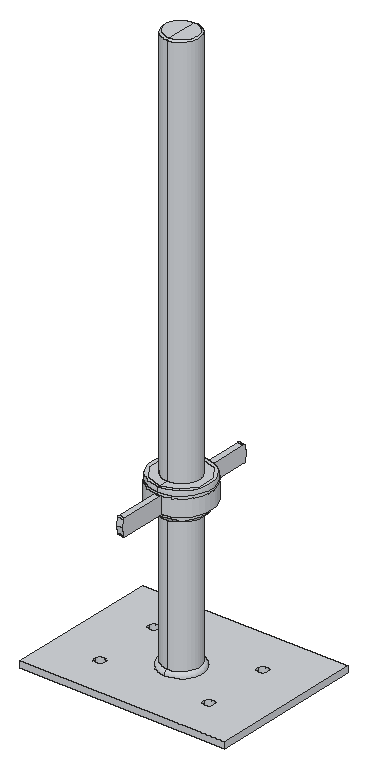
Revit family "Post-Head", category Structural Stiffeners, Revit 2020
Family settings
  Work Plane-Based = No
  Always vertical = Yes
  Cut with Voids When Loaded = No
  Shared = No
Parameters
  Base_Material = none
  Lock_Distance [instance] = 175 mm
  Default Elevation = 0 mm
Reference planes
  plane 1 "Center (Front/Back)": y = 0
  plane 2: z = 0
  plane 3 "Center (Left/Right)": x = 0
  plane 4: z = 175
Forms (mm)
  Sweep 1, solid, material <- "Base_Material"
    path origin (0, 0, 0) x (1, 0, 0) y (0, 1, 0)
      loop
        line (-100, 0) -> (100, 0)
    profile origin (0, 0, 0) x (0, 1, 0) y (0, 0, 1)
      loop
        line (78, 0) -> (78, 6) -> (-72, 6) -> (-72, 0) -> (78, 0)
  Revolve 2, solid, material <- "Base_Material"
    sketch origin (0, 0, 0) x (0, 1, 0) y (0, 0, 1)
      loop
        line (0, 6) -> (20.645, 6)
        arc (20.645, 6) -> (19.47, 8.826) -> (16.643, 9.996) r 4.002
        line (16.643, 9.996) -> (0, 9.996) -> (0, 6)
      axis (0, 9.996) -> (0, 6)
    angle from 0 to 360
  Revolve 3, solid, material <- "Base_Material"
    sketch origin (0, 0, -72.939) x (0, -1, 0) y (0, 0, -1)
      loop
        line (-16.965, -82.937) -> (-16.965, -633.854) -> (-15.479, -635.34) -> (0, -635.34) -> (0, -82.937) -> (-16.965, -82.937)
      axis (0, -82.937) -> (0, -635.34)
    angle from 0 to 360
  Revolve 4, solid, material <- "Base_Material"
    sketch origin (0, 0, 165.02) x (0, 1, 0) y (0, 0, 1)
      loop
        line (-29.041, 5.683) -> (-29.273, 3.137) -> (-29.273, -12.863) -> (-23.617, -12.863)
        arc (-23.617, -12.863) -> (-23.251, -14.129) -> (-22.998, -15.422) r 15
        line (-22.998, -15.422) -> (-22.998, -19.376)
        arc (-22.998, -19.376) -> (-22.852, -19.73) -> (-22.498, -19.876) r 0.5
        line (-22.498, -19.876) -> (-17.273, -19.876) -> (-17.273, 9.98) -> (-25.957, 9.98) -> (-28.543, 9.98)
        arc (-28.543, 9.98) -> (-28.922, 7.846) -> (-29.041, 5.683) r 17.951
      axis (0, 9.98) -> (0, -19.876)
    angle from 0 to 360
  Extrusion 5, solid, material <- "Base_Material"
    sketch origin (0, 0, 165.02) x (0, 1, 0) y (0, 0, 1)
      loop
        line (-73.117, -12.863) -> (-29.273, -12.863) -> (-29.273, 3.137) -> (-73.117, 3.137)
        arc (-73.117, 3.137) -> (-73.779, 2.887) -> (-74.109, 2.262) r 1
        line (-74.109, 2.262) -> (-75, -4.863) -> (-74.109, -11.987)
        arc (-74.109, -11.987) -> (-73.779, -12.612) -> (-73.117, -12.863) r 1
      loop
        arc (73.117, -12.863) -> (73.779, -12.612) -> (74.109, -11.987) r 1
        line (74.109, -11.987) -> (75, -4.863) -> (74.109, 2.262)
        arc (74.109, 2.262) -> (73.779, 2.887) -> (73.117, 3.137) r 1
        line (73.117, 3.137) -> (29.273, 3.137) -> (29.273, -12.863) -> (73.117, -12.863)
    from 3 to -3
  Extrusion 6, void
    sketch origin (0, -31.589, 0) x (1, 0, 0) y (0, 1, 0)
      loop
        circle (-53.322, 64.53) r 5
      loop
        circle (53.322, 64.53) r 5
      loop
        circle (-53.322, -1.47) r 5
      loop
        circle (53.322, -1.47) r 5
    from -15 to 15
Cuts and joins
  Extrusion 6 cuts Sweep 1
Lines and regions (mm)
  symbolic lines
    curve 1: line (0, 32.941, 15) -> (0, 32.941, -15)
    curve 2: line (0, -33.059, 15) -> (0, -33.059, -15)
    curve 3: line (-53.322, 0, 15) -> (-53.322, 0, -15)
    curve 4: line (53.322, 0, 15) -> (53.322, 0, -15)
Dimensions and locks
  equal spacing: Sweep 1 sketch curve, plane 3 "Center (Left/Right)", Sweep 1 sketch curve
  Sweep 1 sketch curve to Sweep 1 sketch curve = 200 mm
  "Lock_Distance": plane 4 to level
  locked: Revolve 4 to plane 4 at 29.856
  locked: Extrusion 5 to plane 4 at 22.843  (x2)
  Revolve 3 to Revolve 3 to Sweep 1 to level = 552.403 mm, 3.998 mm, 6 mm
  Revolve 4 sketch curve to Revolve 4 sketch curve = 29.856 mm
  Revolve 4 sketch curve to Extrusion 5 = 12 mm
  aligned and locked: level to plane 2
  aligned and locked: Sweep 1 to level
  aligned and locked: Revolve 2 to Sweep 1
  aligned and locked: Revolve 4 to plane 4
  aligned and locked: Revolve 3 to Revolve 3
  aligned and locked: Revolve 4 sketch curve to plane 4
Automatic sketch dimensions
  plane 1 "Center (Front/Back)" to Sweep 1 sketch curve = 0 mm
  Sweep 1 sketch curve to level = 0 mm
  profile plane to Sweep 1 sketch curve = 72 mm
  level to Sweep 1 sketch curve = 6 mm
  Sweep 1 sketch curve to profile plane = 78 mm
  Revolve 2 sketch curve to plane 1 "Center (Front/Back)" = 0 mm  (x2)
  Revolve 2 sketch curve to Revolve 2 sketch curve = 16.643 mm
  Revolve 2 sketch curve to Revolve 2 sketch curve = 4.002 mm
  level to Revolve 2 sketch curve = 5.994 mm
  Revolve 2 sketch curve to Revolve 2 sketch curve = 0.006 mm
  Revolve 2 sketch curve to level = 553.509 mm
  plane 4 to Revolve 2 sketch curve = 180.743 mm
  Revolve 3 sketch curve to plane 1 "Center (Front/Back)" = 0 mm  (x2)
  level to Revolve 3 sketch curve = 9.998 mm
  Revolve 3 sketch curve to level = 453.682 mm
  Revolve 4 sketch curve to plane 1 "Center (Front/Back)" = 0 mm
  Revolve 4 sketch curve to Revolve 4 sketch curve = 6.182 mm
  Revolve 4 sketch curve to Revolve 4 sketch curve = 5.225 mm
  Revolve 4 sketch curve to Revolve 4 sketch curve = 0.5 mm
  Revolve 4 sketch curve to Revolve 4 sketch curve = 0.619 mm
  Revolve 4 sketch curve to Revolve 4 sketch curve = 8.684 mm
  Revolve 4 sketch curve to Revolve 4 sketch curve = 2.587 mm
  Revolve 4 sketch curve to plane 4 = 4.297 mm
  Revolve 4 sketch curve to Revolve 4 sketch curve = 0.498 mm
  Revolve 4 sketch curve to plane 4 = 6.843 mm
  Revolve 4 sketch curve to Revolve 4 sketch curve = 0.231 mm
  Revolve 4 sketch curve to Revolve 4 sketch curve = 8.558 mm
  Revolve 4 sketch curve to Revolve 4 sketch curve = 2.56 mm
  Revolve 4 sketch curve to Revolve 4 sketch curve = 3.954 mm
  Revolve 4 sketch curve to level = 388.489 mm
  plane 4 to Revolve 4 sketch curve = 345.763 mm
  Extrusion 5 sketch curve to plane 4 = 14.843 mm  (x2)
  plane 1 "Center (Front/Back)" to Extrusion 5 sketch curve = 75 mm
  Extrusion 5 sketch curve to plane 4 = 21.967 mm  (x2)
  Extrusion 5 sketch curve to Extrusion 5 sketch curve = 0.891 mm  (x3)
  Extrusion 5 sketch curve to plane 4 = 7.718 mm  (x2)
  Extrusion 5 sketch curve to Extrusion 5 sketch curve = 0.992 mm  (x4)
  plane 1 "Center (Front/Back)" to Extrusion 5 sketch curve = 29.273 mm
  Extrusion 5 sketch curve to plane 1 "Center (Front/Back)" = 29.273 mm
  Extrusion 5 sketch curve to plane 4 = 6.843 mm
  Extrusion 5 sketch curve to Extrusion 5 sketch curve = 43.844 mm
  Extrusion 5 sketch curve to Extrusion 5 sketch curve = 0 mm
  Extrusion 5 sketch curve to Extrusion 5 sketch curve = 16 mm
  Extrusion 5 sketch curve to plane 4 = 22.843 mm
  Extrusion 5 sketch curve to Extrusion 5 sketch curve = 0.124 mm
  Revolve 3 sketch curve to Revolve 3 sketch curve = 1.486 mm  (x2)
  Revolve 3 sketch curve to Revolve 3 sketch curve = 15.479 mm
  plane 4 to Revolve 3 sketch curve = 385.915 mm
  Revolve 3 sketch curve to Revolve 3 sketch curve = 105.987 mm
  Extrusion 6 sketch curve to plane 3 "Center (Left/Right)" = 53.322 mm  (x2)
  plane 3 "Center (Left/Right)" to Extrusion 6 sketch curve = 53.322 mm  (x2)
  plane 1 "Center (Front/Back)" to Extrusion 6 sketch curve = 33.059 mm  (x2)
  Extrusion 6 sketch curve to plane 1 "Center (Front/Back)" = 32.941 mm  (x2)
  level to curve 2 = 15 mm
  plane 1 "Center (Front/Back)" to curve 2 = 33.059 mm
  curve 1 to level = 15 mm
  curve 1 to plane 1 "Center (Front/Back)" = 32.941 mm
  curve 2 to level = 15 mm
  level to curve 1 = 15 mm
  curve 3 to level = 15 mm
  curve 3 to plane 3 "Center (Left/Right)" = 53.322 mm
  curve 4 to level = 15 mm
  plane 3 "Center (Left/Right)" to curve 4 = 53.322 mm
  level to curve 4 = 15 mm
  level to curve 3 = 15 mm
  radius of Extrusion 6 sketch curve = 5 mm  (x4)
Nested families
  nested 1: "Screw" at (0, 115.772, 610.929) x (0, -1, 0) z (1, 0, 0), type "Screw"
  nested 2: "Screw" at (115.408, 0, 610.929) x (-1, 0, 0) z (0, -1, 0), type "Screw"
Definition of nested family "Screw"
  Reference planes
    plane 1 "Center (Front/Back)": y = 0
    plane 2: z = 0
    plane 3 "Center (Left/Right)": x = 0
    plane 4 "Right": x = 12.7
    plane 5: y = 82.55
    plane 6: y = -31.75
    plane 7: y = 50.8
  Lines and regions (mm)
    detail lines, in view "Ref. Level"
      curve 1: line (129.322, 309.887, 0) -> (101.722, 306.887, 0)
      curve 2: line (129.322, 312.687, 0) -> (101.722, 309.687, 0)
      curve 3: line (129.322, 318.642, 0) -> (129.322, 317.142, 0)
      curve 4: line (129.322, 317.142, 0) -> (101.722, 314.142, 0)
      curve 5: line (101.722, 314.142, 0) -> (101.722, 315.642, 0)
      curve 6: line (101.722, 315.642, 0) -> (129.322, 318.642, 0)
      curve 7: line (129.322, 323.097, 0) -> (101.722, 320.097, 0)
      curve 8: line (101.722, 320.097, 0) -> (101.722, 322.897, 0)
      curve 9: line (129.322, 333.153, 0) -> (129.322, 330.353, 0)
      curve 10: line (129.322, 330.353, 0) -> (101.722, 327.353, 0)
      curve 11: line (101.722, 327.353, 0) -> (101.722, 330.153, 0)
      curve 12: line (132.522, 333.98, 0) -> (129.322, 333.153, 0)
      curve 13: line (129.322, 333.153, 0) -> (101.722, 330.153, 0)
      curve 14: line (101.722, 330.153, 0) -> (98.522, 330.98, 0)
      curve 15: line (129.322, 325.897, 0) -> (101.722, 322.897, 0)
      curve 16: line (101.722, 322.897, 0) -> (98.522, 323.725, 0)
      curve 17: line (98.522, 333.78, 0) -> (98.522, 330.98, 0)
      curve 18: line (98.522, 330.98, 0) -> (98.522, 333.78, 0)
      curve 19: line (98.522, 333.78, 0) -> (101.722, 334.608, 0)
      curve 20: line (98.522, 326.525, 0) -> (98.522, 323.725, 0)
      curve 21: line (98.522, 323.725, 0) -> (98.522, 326.525, 0)
      curve 22: line (98.522, 326.525, 0) -> (101.722, 327.353, 0)
      curve 23: line (101.722, 320.097, 0) -> (98.522, 319.27, 0)
      curve 24: line (98.522, 319.27, 0) -> (98.522, 316.47, 0)
      curve 25: line (98.522, 316.47, 0) -> (101.722, 315.642, 0)
      curve 26: line (101.722, 315.642, 0) -> (101.722, 314.142, 0)
      curve 27: line (101.722, 314.142, 0) -> (98.522, 313.315, 0)
      curve 28: line (98.522, 313.315, 0) -> (98.522, 310.515, 0)
      curve 29: line (98.522, 310.515, 0) -> (101.722, 309.687, 0)
      curve 30: line (101.722, 309.687, 0) -> (101.722, 306.887, 0)
      curve 31: line (101.722, 306.887, 0) -> (98.522, 306.059, 0)
      curve 32: line (98.522, 306.059, 0) -> (98.522, 303.259, 0)
      curve 33: line (98.522, 303.259, 0) -> (98.522, 306.059, 0)
      curve 34: line (129.322, 330.353, 0) -> (132.522, 329.525, 0)
      curve 35: line (132.522, 329.525, 0) -> (132.522, 326.725, 0)
      curve 36: line (132.522, 326.725, 0) -> (129.322, 325.897, 0)
      curve 37: line (129.322, 325.897, 0) -> (129.322, 323.097, 0)
      curve 38: line (129.322, 323.097, 0) -> (132.522, 322.27, 0)
      curve 39: line (132.522, 322.27, 0) -> (132.522, 319.47, 0)
      curve 40: line (132.522, 319.47, 0) -> (129.322, 318.642, 0)
      curve 41: line (129.322, 318.642, 0) -> (129.322, 317.142, 0)
      curve 42: line (129.322, 317.142, 0) -> (132.522, 316.315, 0)
      curve 43: line (132.522, 316.315, 0) -> (132.522, 313.515, 0)
      curve 44: line (132.522, 313.515, 0) -> (129.322, 312.687, 0)
      curve 45: line (129.322, 312.687, 0) -> (129.322, 309.887, 0)
      curve 46: line (129.322, 309.887, 0) -> (132.522, 309.059, 0)
      curve 47: line (132.522, 309.059, 0) -> (132.522, 306.259, 0)
      curve 48: line (132.522, 306.259, 0) -> (129.322, 305.432, 0)
      curve 49: line (129.322, 305.432, 0) -> (129.322, 302.632, 0)
      curve 50: line (129.322, 302.632, 0) -> (132.522, 301.804, 0)
      curve 51: line (116.734, 158.946, 0) -> (115.089, 159.805, 0)
      curve 52: line (115.089, 159.805, 0) -> (113.487, 159.123, 0)
      curve 53: line (113.487, 159.123, 0) -> (112.163, 160.973, 0)
      curve 54: line (112.163, 160.973, 0) -> (116.622, 171.028, 0)
      curve 55: line (116.622, 171.028, 0) -> (118.937, 171.028, 0)
      curve 56: line (118.937, 171.028, 0) -> (121.193, 169.001, 0)
      curve 57: line (121.193, 169.001, 0) -> (116.734, 158.946, 0)
      curve 58: line (129.322, 419.469, 0) -> (101.722, 416.469, 0)
      curve 59: line (101.722, 391.549, 0) -> (98.522, 392.376, 0)
      curve 60: line (98.522, 392.376, 0) -> (98.522, 395.176, 0)
      curve 61: line (98.522, 395.176, 0) -> (101.722, 396.004, 0)
      curve 62: line (101.722, 396.004, 0) -> (101.722, 398.804, 0)
      curve 63: line (101.722, 398.804, 0) -> (98.522, 399.632, 0)
      curve 64: line (98.522, 399.632, 0) -> (98.522, 402.432, 0)
      curve 65: line (98.522, 402.432, 0) -> (101.722, 403.259, 0)
      curve 66: line (101.722, 403.259, 0) -> (101.722, 406.059, 0)
      curve 67: line (101.722, 406.059, 0) -> (98.522, 406.887, 0)
      curve 68: line (98.522, 406.887, 0) -> (98.522, 409.687, 0)
      curve 69: line (98.522, 409.687, 0) -> (101.722, 410.514, 0)
      curve 70: line (101.722, 410.514, 0) -> (129.322, 413.514, 0)
      curve 71: line (129.322, 413.514, 0) -> (129.322, 415.014, 0)
      curve 72: line (129.322, 415.014, 0) -> (132.522, 415.842, 0)
      curve 73: line (132.522, 415.842, 0) -> (132.522, 418.642, 0)
      curve 74: line (132.522, 418.642, 0) -> (129.322, 419.469, 0)
      curve 75: line (129.322, 419.469, 0) -> (129.322, 422.269, 0)
      curve 76: line (129.322, 422.269, 0) -> (132.522, 423.097, 0)
      curve 77: line (132.522, 423.097, 0) -> (132.522, 425.897, 0)
      curve 78: line (132.522, 425.897, 0) -> (129.322, 426.725, 0)
      curve 79: line (129.322, 426.725, 0) -> (129.322, 429.525, 0)
      curve 80: line (129.322, 429.525, 0) -> (132.522, 430.352, 0)
      curve 81: line (132.522, 430.352, 0) -> (132.522, 433.152, 0)
      curve 82: line (132.522, 433.152, 0) -> (129.322, 433.98, 0)
      curve 83: line (129.322, 433.98, 0) -> (129.322, 436.78, 0)
      curve 84: line (129.322, 436.78, 0) -> (132.522, 437.607, 0)
      curve 85: line (132.522, 437.607, 0) -> (132.522, 440.407, 0)
      curve 86: line (132.522, 440.407, 0) -> (129.322, 441.235, 0)
      curve 87: line (129.322, 441.235, 0) -> (129.322, 442.735, 0)
      curve 88: line (129.322, 442.735, 0) -> (101.722, 439.735, 0)
      curve 89: line (101.722, 439.735, 0) -> (101.722, 438.235, 0)
      curve 90: line (101.722, 438.235, 0) -> (98.522, 437.407, 0)
      curve 91: line (98.522, 437.407, 0) -> (98.522, 434.607, 0)
      curve 92: line (98.522, 434.607, 0) -> (101.722, 433.78, 0)
      curve 93: line (101.722, 433.78, 0) -> (101.722, 430.98, 0)
      curve 94: line (101.722, 430.98, 0) -> (98.522, 430.152, 0)
      curve 95: line (98.522, 430.152, 0) -> (98.522, 427.352, 0)
      curve 96: line (98.522, 427.352, 0) -> (101.722, 426.525, 0)
      curve 97: line (101.722, 426.525, 0) -> (101.722, 423.725, 0)
      curve 98: line (101.722, 423.725, 0) -> (98.522, 422.897, 0)
      curve 99: line (98.522, 422.897, 0) -> (98.522, 420.097, 0)
      curve 100: line (98.522, 420.097, 0) -> (101.722, 419.269, 0)
      curve 101: line (101.722, 419.269, 0) -> (101.722, 416.469, 0)
      curve 102: line (101.722, 416.469, 0) -> (98.522, 415.642, 0)
      curve 103: line (98.522, 415.642, 0) -> (98.522, 412.842, 0)
      curve 104: line (98.522, 412.842, 0) -> (101.722, 412.014, 0)
      curve 105: line (101.722, 412.014, 0) -> (101.722, 410.514, 0)
      curve 106: line (101.722, 410.514, 0) -> (101.722, 412.014, 0)
      curve 107: line (101.722, 412.014, 0) -> (129.322, 415.014, 0)
      curve 108: line (129.322, 426.725, 0) -> (101.722, 423.725, 0)
      curve 109: line (129.322, 429.525, 0) -> (101.722, 426.525, 0)
      curve 110: line (129.322, 433.98, 0) -> (101.722, 430.98, 0)
      curve 111: line (129.322, 436.78, 0) -> (101.722, 433.78, 0)
      curve 112: line (129.322, 422.269, 0) -> (101.722, 419.269, 0)
      curve 113: line (98.522, 427.352, 0) -> (98.522, 430.152, 0)
      curve 114: line (98.522, 420.097, 0) -> (98.522, 422.897, 0)
      curve 115: line (129.322, 447.19, 0) -> (101.722, 444.19, 0)
      curve 116: line (129.322, 454.445, 0) -> (101.722, 451.445, 0)
      curve 117: line (129.322, 457.245, 0) -> (101.722, 454.245, 0)
      curve 118: line (129.322, 461.7, 0) -> (101.722, 458.7, 0)
      curve 119: line (129.322, 464.5, 0) -> (101.722, 461.5, 0)
      curve 120: line (129.322, 470.456, 0) -> (129.322, 468.956, 0)
      curve 121: line (129.322, 468.956, 0) -> (101.722, 465.956, 0)
      curve 122: line (101.722, 465.956, 0) -> (101.722, 467.456, 0)
      curve 123: line (101.722, 467.456, 0) -> (129.322, 470.456, 0)
      curve 124: line (129.322, 449.99, 0) -> (101.722, 446.99, 0)
      curve 125: line (98.522, 455.073, 0) -> (98.522, 457.873, 0)
      curve 126: line (98.522, 447.818, 0) -> (98.522, 450.618, 0)
      curve 127: line (129.322, 474.911, 0) -> (101.722, 471.911, 0)
      curve 128: line (129.322, 482.166, 0) -> (101.722, 479.166, 0)
      curve 129: line (129.322, 484.966, 0) -> (101.722, 481.966, 0)
      curve 130: line (129.322, 489.421, 0) -> (101.722, 486.421, 0)
      curve 131: line (129.322, 492.221, 0) -> (101.722, 489.221, 0)
      curve 132: line (129.322, 498.176, 0) -> (129.322, 496.676, 0)
      curve 133: line (129.322, 496.676, 0) -> (101.722, 493.676, 0)
      curve 134: line (101.722, 493.676, 0) -> (101.722, 495.176, 0)
      curve 135: line (101.722, 495.176, 0) -> (129.322, 498.176, 0)
      curve 136: line (129.322, 477.711, 0) -> (101.722, 474.711, 0)
      curve 137: line (98.522, 482.793, 0) -> (98.522, 485.593, 0)
      curve 138: line (98.522, 475.538, 0) -> (98.522, 478.338, 0)
      curve 139: line (129.322, 502.631, 0) -> (101.722, 499.631, 0)
      curve 140: line (129.322, 509.886, 0) -> (101.722, 506.886, 0)
      curve 141: line (129.322, 512.686, 0) -> (101.722, 509.686, 0)
      curve 142: line (129.322, 517.142, 0) -> (101.722, 514.142, 0)
      curve 143: line (129.322, 519.942, 0) -> (101.722, 516.942, 0)
      curve 144: line (132.522, 524.397, 0) -> (129.322, 524.397, 0)
      curve 145: line (129.322, 524.397, 0) -> (101.722, 521.397, 0)
      curve 146: line (101.722, 521.397, 0) -> (101.722, 522.897, 0)
      curve 147: line (101.722, 522.897, 0) -> (129.322, 525.897, 0)
      curve 148: line (129.322, 505.431, 0) -> (101.722, 502.431, 0)
      curve 149: line (98.522, 510.514, 0) -> (98.522, 513.314, 0)
      curve 150: line (98.522, 503.259, 0) -> (98.522, 506.059, 0)
      curve 151: line (98.522, 506.059, 0) -> (98.522, 503.259, 0)
      curve 152: line (98.522, 503.259, 0) -> (101.722, 502.431, 0)
      curve 153: line (101.722, 502.431, 0) -> (101.722, 499.631, 0)
      curve 154: line (101.722, 499.631, 0) -> (98.522, 498.804, 0)
      curve 155: line (98.522, 498.804, 0) -> (98.522, 496.004, 0)
      curve 156: line (98.522, 496.004, 0) -> (101.722, 495.176, 0)
      curve 157: line (101.722, 495.176, 0) -> (101.722, 493.676, 0)
      curve 158: line (101.722, 493.676, 0) -> (98.522, 492.849, 0)
      curve 159: line (98.522, 492.849, 0) -> (98.522, 490.049, 0)
      curve 160: line (98.522, 490.049, 0) -> (101.722, 489.221, 0)
      curve 161: line (101.722, 489.221, 0) -> (101.722, 486.421, 0)
      curve 162: line (101.722, 486.421, 0) -> (98.522, 485.593, 0)
      curve 163: line (98.522, 485.593, 0) -> (98.522, 482.793, 0)
      curve 164: line (98.522, 482.793, 0) -> (101.722, 481.966, 0)
      curve 165: line (101.722, 481.966, 0) -> (101.722, 479.166, 0)
      curve 166: line (101.722, 479.166, 0) -> (98.522, 478.338, 0)
      curve 167: line (98.522, 478.338, 0) -> (98.522, 475.538, 0)
      curve 168: line (98.522, 475.538, 0) -> (101.722, 474.711, 0)
      curve 169: line (101.722, 474.711, 0) -> (101.722, 471.911, 0)
      curve 170: line (101.722, 471.911, 0) -> (98.522, 471.083, 0)
      curve 171: line (98.522, 471.083, 0) -> (98.522, 468.283, 0)
      curve 172: line (98.522, 468.283, 0) -> (101.722, 467.456, 0)
      curve 173: line (101.722, 467.456, 0) -> (101.722, 465.956, 0)
      curve 174: line (101.722, 465.956, 0) -> (98.522, 465.128, 0)
      curve 175: line (98.522, 465.128, 0) -> (98.522, 462.328, 0)
      curve 176: line (98.522, 462.328, 0) -> (101.722, 461.5, 0)
      curve 177: line (101.722, 461.5, 0) -> (101.722, 458.7, 0)
      curve 178: line (101.722, 458.7, 0) -> (98.522, 457.873, 0)
      curve 179: line (98.522, 457.873, 0) -> (98.522, 455.073, 0)
      curve 180: line (98.522, 455.073, 0) -> (101.722, 454.245, 0)
      curve 181: line (101.722, 454.245, 0) -> (101.722, 451.445, 0)
      curve 182: line (101.722, 451.445, 0) -> (98.522, 450.618, 0)
      curve 183: line (98.522, 450.618, 0) -> (98.522, 447.818, 0)
      curve 184: line (98.522, 447.818, 0) -> (101.722, 446.99, 0)
      curve 185: line (101.722, 446.99, 0) -> (101.722, 444.19, 0)
      curve 186: line (101.722, 444.19, 0) -> (98.522, 443.363, 0)
      curve 187: line (98.522, 443.363, 0) -> (98.522, 440.563, 0)
      curve 188: line (98.522, 440.563, 0) -> (101.722, 439.735, 0)
      curve 189: line (101.722, 439.735, 0) -> (101.722, 438.235, 0)
      curve 190: line (101.722, 438.235, 0) -> (129.322, 441.235, 0)
      curve 191: line (129.322, 441.235, 0) -> (132.522, 441.235, 0)
      curve 192: line (129.322, 530.352, 0) -> (101.722, 527.352, 0)
      curve 193: line (129.322, 537.607, 0) -> (101.722, 534.607, 0)
      curve 194: line (129.322, 540.407, 0) -> (101.722, 537.407, 0)
      curve 195: line (129.322, 544.862, 0) -> (101.722, 541.862, 0)
      curve 196: line (129.322, 547.662, 0) -> (101.722, 544.662, 0)
      curve 197: line (129.322, 553.617, 0) -> (129.322, 552.117, 0)
      curve 198: line (129.322, 552.117, 0) -> (101.722, 549.117, 0)
      curve 199: line (101.722, 549.117, 0) -> (101.722, 550.617, 0)
      curve 200: line (101.722, 550.617, 0) -> (129.322, 553.617, 0)
      curve 201: line (129.322, 533.152, 0) -> (101.722, 530.152, 0)
      curve 202: line (98.522, 538.235, 0) -> (98.522, 541.035, 0)
      curve 203: line (98.522, 530.98, 0) -> (98.522, 533.78, 0)
      curve 204: line (129.322, 558.073, 0) -> (101.722, 555.073, 0)
      curve 205: line (129.322, 565.328, 0) -> (101.722, 562.328, 0)
      curve 206: line (129.322, 568.128, 0) -> (101.722, 565.128, 0)
      curve 207: line (129.322, 572.583, 0) -> (101.722, 569.583, 0)
      curve 208: line (129.322, 575.383, 0) -> (101.722, 572.383, 0)
      curve 209: line (129.322, 581.338, 0) -> (129.322, 579.838, 0)
      curve 210: line (129.322, 579.838, 0) -> (101.722, 576.838, 0)
      curve 211: line (101.722, 576.838, 0) -> (101.722, 578.338, 0)
      curve 212: line (101.722, 578.338, 0) -> (129.322, 581.338, 0)
      curve 213: line (129.322, 560.873, 0) -> (101.722, 557.873, 0)
      curve 214: line (98.522, 565.955, 0) -> (98.522, 568.755, 0)
      curve 215: line (98.522, 558.7, 0) -> (98.522, 561.5, 0)
      curve 216: line (129.322, 585.793, 0) -> (101.722, 582.793, 0)
      curve 217: line (101.722, 582.793, 0) -> (101.722, 585.593, 0)
      curve 218: line (129.322, 593.048, 0) -> (101.722, 590.048, 0)
      curve 219: line (101.722, 590.048, 0) -> (101.722, 592.848, 0)
      curve 220: line (129.322, 595.848, 0) -> (101.722, 592.848, 0)
      curve 221: line (101.722, 592.848, 0) -> (98.522, 593.676, 0)
      curve 222: line (129.322, 600.931, 0) -> (129.322, 600.303, 0)
      curve 223: line (129.322, 600.303, 0) -> (101.722, 597.303, 0)
      curve 224: line (101.722, 597.303, 0) -> (101.722, 600.103, 0)
      curve 225: line (109.888, 600.931, 0) -> (101.722, 600.103, 0)
      curve 226: line (101.722, 600.103, 0) -> (98.522, 600.931, 0)
      curve 227: line (129.322, 588.593, 0) -> (101.722, 585.593, 0)
      curve 228: line (101.722, 585.593, 0) -> (98.522, 586.421, 0)
      curve 229: line (129.322, 600.303, 0) -> (132.522, 599.476, 0)
      curve 230: line (132.522, 599.476, 0) -> (132.522, 596.676, 0)
      curve 231: line (132.522, 596.676, 0) -> (129.322, 595.848, 0)
      curve 232: line (129.322, 595.848, 0) -> (129.322, 593.048, 0)
      curve 233: line (129.322, 593.048, 0) -> (132.522, 592.221, 0)
      curve 234: line (132.522, 592.221, 0) -> (132.522, 589.421, 0)
      curve 235: line (132.522, 589.421, 0) -> (129.322, 588.593, 0)
      curve 236: line (129.322, 588.593, 0) -> (129.322, 585.793, 0)
      curve 237: line (129.322, 585.793, 0) -> (132.522, 584.966, 0)
      curve 238: line (132.522, 584.966, 0) -> (132.522, 582.166, 0)
      curve 239: line (132.522, 582.166, 0) -> (129.322, 581.338, 0)
      curve 240: line (129.322, 581.338, 0) -> (129.322, 579.838, 0)
      curve 241: line (129.322, 579.838, 0) -> (132.522, 579.01, 0)
      curve 242: line (132.522, 579.01, 0) -> (132.522, 576.21, 0)
      curve 243: line (132.522, 576.21, 0) -> (129.322, 575.383, 0)
      curve 244: line (129.322, 575.383, 0) -> (129.322, 572.583, 0)
      curve 245: line (129.322, 572.583, 0) -> (132.522, 571.755, 0)
      curve 246: line (132.522, 571.755, 0) -> (132.522, 568.955, 0)
      curve 247: line (132.522, 568.955, 0) -> (129.322, 568.128, 0)
      curve 248: line (129.322, 568.128, 0) -> (129.322, 565.328, 0)
      curve 249: line (129.322, 565.328, 0) -> (132.522, 564.5, 0)
      curve 250: line (132.522, 564.5, 0) -> (132.522, 561.7, 0)
      curve 251: line (132.522, 561.7, 0) -> (129.322, 560.873, 0)
      curve 252: line (129.322, 560.873, 0) -> (129.322, 558.073, 0)
      curve 253: line (129.322, 558.073, 0) -> (132.522, 557.245, 0)
      curve 254: line (132.522, 557.245, 0) -> (132.522, 554.445, 0)
      curve 255: line (132.522, 554.445, 0) -> (129.322, 553.617, 0)
      curve 256: line (129.322, 553.617, 0) -> (129.322, 552.117, 0)
      curve 257: line (129.322, 552.117, 0) -> (132.522, 551.29, 0)
      curve 258: line (132.522, 551.29, 0) -> (132.522, 548.49, 0)
      curve 259: line (132.522, 548.49, 0) -> (129.322, 547.662, 0)
      curve 260: line (129.322, 547.662, 0) -> (129.322, 544.862, 0)
      curve 261: line (129.322, 544.862, 0) -> (132.522, 544.035, 0)
      curve 262: line (132.522, 544.035, 0) -> (132.522, 541.235, 0)
      curve 263: line (132.522, 541.235, 0) -> (129.322, 540.407, 0)
      curve 264: line (129.322, 540.407, 0) -> (129.322, 537.607, 0)
      curve 265: line (129.322, 537.607, 0) -> (132.522, 536.78, 0)
      curve 266: line (132.522, 536.78, 0) -> (132.522, 533.98, 0)
      curve 267: line (132.522, 533.98, 0) -> (129.322, 533.152, 0)
      curve 268: line (129.322, 533.152, 0) -> (129.322, 530.352, 0)
      curve 269: line (129.322, 530.352, 0) -> (132.522, 529.524, 0)
      curve 270: line (132.522, 529.524, 0) -> (132.522, 526.724, 0)
      curve 271: line (132.522, 526.724, 0) -> (129.322, 525.897, 0)
      curve 272: line (129.322, 525.897, 0) -> (129.322, 524.397, 0)
      curve 273: line (129.322, 524.397, 0) -> (132.522, 523.569, 0)
      curve 274: line (132.522, 523.569, 0) -> (132.522, 520.769, 0)
      curve 275: line (132.522, 520.769, 0) -> (129.322, 519.942, 0)
      curve 276: line (129.322, 519.942, 0) -> (129.322, 517.142, 0)
      curve 277: line (129.322, 517.142, 0) -> (132.522, 516.314, 0)
      curve 278: line (132.522, 516.314, 0) -> (132.522, 513.514, 0)
      curve 279: line (132.522, 513.514, 0) -> (129.322, 512.686, 0)
      curve 280: line (129.322, 512.686, 0) -> (129.322, 509.886, 0)
      curve 281: line (129.322, 509.886, 0) -> (132.522, 509.059, 0)
      curve 282: line (132.522, 509.059, 0) -> (132.522, 506.259, 0)
      curve 283: line (132.522, 506.259, 0) -> (129.322, 505.431, 0)
      curve 284: line (129.322, 505.431, 0) -> (129.322, 502.631, 0)
      curve 285: line (129.322, 502.631, 0) -> (132.522, 501.804, 0)
      curve 286: line (132.522, 501.804, 0) -> (132.522, 499.004, 0)
      curve 287: line (132.522, 499.004, 0) -> (129.322, 498.176, 0)
      curve 288: line (129.322, 498.176, 0) -> (129.322, 496.676, 0)
      curve 289: line (129.322, 496.676, 0) -> (132.522, 495.849, 0)
      curve 290: line (132.522, 495.849, 0) -> (132.522, 493.049, 0)
      curve 291: line (132.522, 493.049, 0) -> (129.322, 492.221, 0)
      curve 292: line (129.322, 492.221, 0) -> (129.322, 489.421, 0)
      curve 293: line (129.322, 489.421, 0) -> (132.522, 488.593, 0)
      curve 294: line (132.522, 488.593, 0) -> (132.522, 485.793, 0)
      curve 295: line (132.522, 485.793, 0) -> (129.322, 484.966, 0)
      curve 296: line (129.322, 484.966, 0) -> (129.322, 482.166, 0)
      curve 297: line (129.322, 482.166, 0) -> (132.522, 481.338, 0)
      curve 298: line (132.522, 481.338, 0) -> (132.522, 478.538, 0)
      curve 299: line (132.522, 478.538, 0) -> (129.322, 477.711, 0)
      curve 300: line (129.322, 477.711, 0) -> (129.322, 474.911, 0)
      curve 301: line (129.322, 474.911, 0) -> (132.522, 474.083, 0)
      curve 302: line (132.522, 474.083, 0) -> (132.522, 471.283, 0)
      curve 303: line (132.522, 471.283, 0) -> (129.322, 470.456, 0)
      curve 304: line (129.322, 470.456, 0) -> (129.322, 468.956, 0)
      curve 305: line (129.322, 468.956, 0) -> (132.522, 468.128, 0)
      curve 306: line (132.522, 468.128, 0) -> (132.522, 465.328, 0)
      curve 307: line (132.522, 465.328, 0) -> (129.322, 464.5, 0)
      curve 308: line (129.322, 464.5, 0) -> (129.322, 461.7, 0)
      curve 309: line (129.322, 461.7, 0) -> (132.522, 460.873, 0)
      curve 310: line (132.522, 460.873, 0) -> (132.522, 458.073, 0)
      curve 311: line (132.522, 458.073, 0) -> (129.322, 457.245, 0)
      curve 312: line (129.322, 457.245, 0) -> (129.322, 454.445, 0)
      curve 313: line (129.322, 454.445, 0) -> (132.522, 453.618, 0)
      curve 314: line (132.522, 453.618, 0) -> (132.522, 450.818, 0)
      curve 315: line (132.522, 450.818, 0) -> (129.322, 449.99, 0)
      curve 316: line (129.322, 449.99, 0) -> (129.322, 447.19, 0)
      curve 317: line (129.322, 447.19, 0) -> (132.522, 446.363, 0)
      curve 318: line (132.522, 446.363, 0) -> (132.522, 443.563, 0)
      curve 319: line (132.522, 443.563, 0) -> (129.322, 442.735, 0)
      curve 320: line (129.322, 442.735, 0) -> (129.322, 441.235, 0)
      curve 321: line (98.522, 596.476, 0) -> (98.522, 593.676, 0)
      curve 322: line (98.522, 593.676, 0) -> (98.522, 596.476, 0)
      curve 323: line (98.522, 596.476, 0) -> (101.722, 597.303, 0)
      curve 324: line (98.522, 589.221, 0) -> (98.522, 586.421, 0)
      curve 325: line (98.522, 586.421, 0) -> (98.522, 589.221, 0)
      curve 326: line (98.522, 589.221, 0) -> (101.722, 590.048, 0)
      curve 327: line (101.722, 582.793, 0) -> (98.522, 581.966, 0)
      curve 328: line (98.522, 581.966, 0) -> (98.522, 579.166, 0)
      curve 329: line (98.522, 579.166, 0) -> (101.722, 578.338, 0)
      curve 330: line (101.722, 578.338, 0) -> (101.722, 576.838, 0)
      curve 331: line (101.722, 576.838, 0) -> (98.522, 576.01, 0)
      curve 332: line (98.522, 576.01, 0) -> (98.522, 573.21, 0)
      curve 333: line (98.522, 573.21, 0) -> (101.722, 572.383, 0)
      curve 334: line (101.722, 572.383, 0) -> (101.722, 569.583, 0)
      curve 335: line (101.722, 569.583, 0) -> (98.522, 568.755, 0)
      curve 336: line (98.522, 568.755, 0) -> (98.522, 565.955, 0)
      curve 337: line (98.522, 565.955, 0) -> (101.722, 565.128, 0)
      curve 338: line (101.722, 565.128, 0) -> (101.722, 562.328, 0)
      curve 339: line (101.722, 562.328, 0) -> (98.522, 561.5, 0)
      curve 340: line (98.522, 561.5, 0) -> (98.522, 558.7, 0)
      curve 341: line (98.522, 558.7, 0) -> (101.722, 557.873, 0)
      curve 342: line (101.722, 557.873, 0) -> (101.722, 555.073, 0)
      curve 343: line (101.722, 555.073, 0) -> (98.522, 554.245, 0)
      curve 344: line (98.522, 554.245, 0) -> (98.522, 551.445, 0)
      curve 345: line (98.522, 551.445, 0) -> (101.722, 550.617, 0)
      curve 346: line (101.722, 550.617, 0) -> (101.722, 549.117, 0)
      curve 347: line (101.722, 549.117, 0) -> (98.522, 548.29, 0)
      curve 348: line (98.522, 548.29, 0) -> (98.522, 545.49, 0)
      curve 349: line (98.522, 545.49, 0) -> (101.722, 544.662, 0)
      curve 350: line (101.722, 544.662, 0) -> (101.722, 541.862, 0)
      curve 351: line (101.722, 541.862, 0) -> (98.522, 541.035, 0)
      curve 352: line (98.522, 541.035, 0) -> (98.522, 538.235, 0)
      curve 353: line (98.522, 538.235, 0) -> (101.722, 537.407, 0)
      curve 354: line (101.722, 537.407, 0) -> (101.722, 534.607, 0)
      curve 355: line (101.722, 534.607, 0) -> (98.522, 533.78, 0)
      curve 356: line (98.522, 533.78, 0) -> (98.522, 530.98, 0)
      curve 357: line (98.522, 530.98, 0) -> (101.722, 530.152, 0)
      curve 358: line (101.722, 530.152, 0) -> (101.722, 527.352, 0)
      curve 359: line (101.722, 527.352, 0) -> (98.522, 526.524, 0)
      curve 360: line (98.522, 526.524, 0) -> (98.522, 523.724, 0)
      curve 361: line (98.522, 523.724, 0) -> (101.722, 522.897, 0)
      curve 362: line (101.722, 522.897, 0) -> (101.722, 521.397, 0)
      curve 363: line (101.722, 521.397, 0) -> (98.522, 520.569, 0)
      curve 364: line (98.522, 520.569, 0) -> (98.522, 517.769, 0)
      curve 365: line (98.522, 517.769, 0) -> (101.722, 516.942, 0)
      curve 366: line (101.722, 516.942, 0) -> (101.722, 514.142, 0)
      curve 367: line (101.722, 514.142, 0) -> (98.522, 513.314, 0)
      curve 368: line (98.522, 513.314, 0) -> (98.522, 510.514, 0)
      curve 369: line (98.522, 510.514, 0) -> (101.722, 509.686, 0)
      curve 370: line (101.722, 509.686, 0) -> (101.722, 506.886, 0)
      curve 371: line (101.722, 506.886, 0) -> (98.522, 506.059, 0)
      curve 372: line (129.322, 359.573, 0) -> (129.322, 358.073, 0)
      curve 373: line (129.322, 358.073, 0) -> (101.722, 355.073, 0)
      curve 374: line (101.722, 355.073, 0) -> (101.722, 356.573, 0)
      curve 375: line (101.722, 356.573, 0) -> (129.322, 359.573, 0)
      curve 376: line (132.522, 358.073, 0) -> (129.322, 358.073, 0)
      curve 377: line (129.322, 358.073, 0) -> (132.522, 357.246, 0)
      curve 378: line (132.522, 357.246, 0) -> (132.522, 354.446, 0)
      curve 379: line (132.522, 354.446, 0) -> (129.322, 353.618, 0)
      curve 380: line (129.322, 364.028, 0) -> (101.722, 361.028, 0)
      curve 381: line (129.322, 371.283, 0) -> (101.722, 368.283, 0)
      curve 382: line (129.322, 374.083, 0) -> (101.722, 371.083, 0)
      curve 383: line (129.322, 378.539, 0) -> (101.722, 375.539, 0)
      curve 384: line (129.322, 381.339, 0) -> (101.722, 378.339, 0)
      curve 385: line (129.322, 387.294, 0) -> (129.322, 385.794, 0)
      curve 386: line (129.322, 385.794, 0) -> (101.722, 382.794, 0)
      curve 387: line (101.722, 382.794, 0) -> (101.722, 384.294, 0)
      curve 388: line (101.722, 384.294, 0) -> (129.322, 387.294, 0)
      curve 389: line (129.322, 366.828, 0) -> (101.722, 363.828, 0)
      curve 390: line (132.522, 385.794, 0) -> (129.322, 385.794, 0)
      curve 391: line (129.322, 385.794, 0) -> (132.522, 384.966, 0)
      curve 392: line (132.522, 384.966, 0) -> (132.522, 382.166, 0)
      curve 393: line (132.522, 382.166, 0) -> (129.322, 381.339, 0)
      curve 394: line (129.322, 381.339, 0) -> (129.322, 378.539, 0)
      curve 395: line (129.322, 378.539, 0) -> (132.522, 377.711, 0)
      curve 396: line (132.522, 377.711, 0) -> (132.522, 374.911, 0)
      curve 397: line (132.522, 374.911, 0) -> (129.322, 374.083, 0)
      curve 398: line (129.322, 374.083, 0) -> (129.322, 371.283, 0)
      curve 399: line (129.322, 371.283, 0) -> (132.522, 370.456, 0)
      curve 400: line (132.522, 370.456, 0) -> (132.522, 367.656, 0)
      curve 401: line (132.522, 367.656, 0) -> (129.322, 366.828, 0)
      curve 402: line (129.322, 366.828, 0) -> (129.322, 364.028, 0)
      curve 403: line (129.322, 364.028, 0) -> (132.522, 363.201, 0)
      curve 404: line (132.522, 363.201, 0) -> (132.522, 360.401, 0)
      curve 405: line (132.522, 360.401, 0) -> (129.322, 359.573, 0)
      curve 406: line (129.322, 359.573, 0) -> (129.322, 358.073, 0)
      curve 407: line (98.522, 371.911, 0) -> (98.522, 374.711, 0)
      curve 408: line (98.522, 364.656, 0) -> (98.522, 367.456, 0)
      curve 409: line (129.322, 391.749, 0) -> (101.722, 388.749, 0)
      curve 410: line (129.322, 399.004, 0) -> (101.722, 396.004, 0)
      curve 411: line (129.322, 401.804, 0) -> (101.722, 398.804, 0)
      curve 412: line (129.322, 406.259, 0) -> (101.722, 403.259, 0)
      curve 413: line (129.322, 409.059, 0) -> (101.722, 406.059, 0)
      curve 414: line (129.322, 394.549, 0) -> (101.722, 391.549, 0)
      curve 415: line (101.722, 391.549, 0) -> (101.722, 388.749, 0)
      curve 416: line (101.722, 388.749, 0) -> (98.522, 387.921, 0)
      curve 417: line (98.522, 387.921, 0) -> (98.522, 385.121, 0)
      curve 418: line (98.522, 385.121, 0) -> (101.722, 384.294, 0)
      curve 419: line (101.722, 384.294, 0) -> (101.722, 382.794, 0)
      curve 420: line (101.722, 382.794, 0) -> (98.522, 381.966, 0)
      curve 421: line (98.522, 381.966, 0) -> (98.522, 379.166, 0)
      curve 422: line (98.522, 379.166, 0) -> (101.722, 378.339, 0)
      curve 423: line (101.722, 378.339, 0) -> (101.722, 375.539, 0)
      curve 424: line (101.722, 375.539, 0) -> (98.522, 374.711, 0)
      curve 425: line (98.522, 374.711, 0) -> (98.522, 371.911, 0)
      curve 426: line (98.522, 371.911, 0) -> (101.722, 371.083, 0)
      curve 427: line (101.722, 371.083, 0) -> (101.722, 368.283, 0)
      curve 428: line (101.722, 368.283, 0) -> (98.522, 367.456, 0)
      curve 429: line (98.522, 367.456, 0) -> (98.522, 364.656, 0)
      curve 430: line (98.522, 364.656, 0) -> (101.722, 363.828, 0)
      curve 431: line (101.722, 363.828, 0) -> (101.722, 361.028, 0)
      curve 432: line (101.722, 361.028, 0) -> (98.522, 360.201, 0)
      curve 433: line (98.522, 360.201, 0) -> (98.522, 357.401, 0)
      curve 434: line (98.522, 357.401, 0) -> (101.722, 356.573, 0)
      curve 435: line (101.722, 356.573, 0) -> (101.722, 355.073, 0)
      curve 436: line (101.722, 355.073, 0) -> (98.522, 354.246, 0)
      curve 437: line (98.522, 354.246, 0) -> (98.522, 351.446, 0)
      curve 438: line (98.522, 351.446, 0) -> (101.722, 350.618, 0)
      curve 439: line (129.322, 415.014, 0) -> (129.322, 413.514, 0)
      curve 440: line (129.322, 413.514, 0) -> (132.522, 412.687, 0)
      curve 441: line (132.522, 412.687, 0) -> (132.522, 409.887, 0)
      curve 442: line (132.522, 409.887, 0) -> (129.322, 409.059, 0)
      curve 443: line (129.322, 409.059, 0) -> (129.322, 406.259, 0)
      curve 444: line (129.322, 406.259, 0) -> (132.522, 405.432, 0)
      curve 445: line (132.522, 405.432, 0) -> (132.522, 402.632, 0)
      curve 446: line (132.522, 402.632, 0) -> (129.322, 401.804, 0)
      curve 447: line (129.322, 401.804, 0) -> (129.322, 399.004, 0)
      curve 448: line (129.322, 399.004, 0) -> (132.522, 398.176, 0)
      curve 449: line (132.522, 398.176, 0) -> (132.522, 395.376, 0)
      curve 450: line (132.522, 395.376, 0) -> (129.322, 394.549, 0)
      curve 451: line (129.322, 394.549, 0) -> (129.322, 391.749, 0)
      curve 452: line (129.322, 391.749, 0) -> (132.522, 390.921, 0)
      curve 453: line (132.522, 390.921, 0) -> (132.522, 388.121, 0)
      curve 454: line (132.522, 388.121, 0) -> (129.322, 387.294, 0)
      curve 455: line (129.322, 387.294, 0) -> (129.322, 385.794, 0)
      curve 456: line (98.522, 399.632, 0) -> (98.522, 402.432, 0)
      curve 457: line (98.522, 392.376, 0) -> (98.522, 395.176, 0)
      curve 458: line (101.722, 287.922, 0) -> (129.322, 290.922, 0)
      curve 459: line (129.322, 295.377, 0) -> (101.722, 292.377, 0)
      curve 460: line (101.722, 292.377, 0) -> (101.722, 295.177, 0)
      curve 461: line (129.322, 302.632, 0) -> (101.722, 299.632, 0)
      curve 462: line (101.722, 299.632, 0) -> (101.722, 302.432, 0)
      curve 463: line (129.322, 305.432, 0) -> (101.722, 302.432, 0)
      curve 464: line (101.722, 302.432, 0) -> (98.522, 303.259, 0)
      curve 465: line (129.322, 298.177, 0) -> (101.722, 295.177, 0)
      curve 466: line (101.722, 295.177, 0) -> (98.522, 296.004, 0)
      curve 467: line (98.522, 298.804, 0) -> (98.522, 296.004, 0)
      curve 468: line (98.522, 296.004, 0) -> (98.522, 298.804, 0)
      curve 469: line (98.522, 298.804, 0) -> (101.722, 299.632, 0)
      curve 470: line (129.322, 340.408, 0) -> (101.722, 337.408, 0)
      curve 471: line (132.522, 344.863, 0) -> (129.322, 344.863, 0)
      curve 472: line (129.322, 344.863, 0) -> (101.722, 341.863, 0)
      curve 473: line (101.722, 341.863, 0) -> (101.722, 343.363, 0)
      curve 474: line (101.722, 343.363, 0) -> (129.322, 346.363, 0)
      curve 475: line (132.522, 333.98, 0) -> (132.522, 336.78, 0)
      curve 476: line (132.522, 336.78, 0) -> (129.322, 337.608, 0)
      curve 477: line (129.322, 337.608, 0) -> (129.322, 340.408, 0)
      curve 478: line (129.322, 340.408, 0) -> (132.522, 341.235, 0)
      curve 479: line (132.522, 341.235, 0) -> (132.522, 344.035, 0)
      curve 480: line (132.522, 344.035, 0) -> (129.322, 344.863, 0)
      curve 481: line (129.322, 344.863, 0) -> (129.322, 346.363, 0)
      curve 482: line (129.322, 346.363, 0) -> (132.522, 347.19, 0)
      curve 483: line (132.522, 347.19, 0) -> (132.522, 349.99, 0)
      curve 484: line (132.522, 349.99, 0) -> (129.322, 350.818, 0)
      curve 485: line (129.322, 350.818, 0) -> (129.322, 353.618, 0)
      curve 486: line (129.322, 353.618, 0) -> (101.722, 350.618, 0)
      curve 487: line (101.722, 350.618, 0) -> (101.722, 347.818, 0)
      curve 488: line (101.722, 347.818, 0) -> (98.522, 346.99, 0)
      curve 489: line (98.522, 346.99, 0) -> (98.522, 344.19, 0)
      curve 490: line (98.522, 344.19, 0) -> (101.722, 343.363, 0)
      curve 491: line (101.722, 343.363, 0) -> (101.722, 341.863, 0)
      curve 492: line (101.722, 341.863, 0) -> (98.522, 341.035, 0)
      curve 493: line (98.522, 341.035, 0) -> (98.522, 338.235, 0)
      curve 494: line (98.522, 338.235, 0) -> (101.722, 337.408, 0)
      curve 495: line (101.722, 337.408, 0) -> (101.722, 334.608, 0)
      curve 496: line (101.722, 334.608, 0) -> (129.322, 337.608, 0)
      curve 497: line (129.322, 350.818, 0) -> (101.722, 347.818, 0)
      curve 498: line (129.322, 190.449, 0) -> (101.722, 187.449, 0)
      curve 499: line (98.522, 166.156, 0) -> (98.522, 163.356, 0)
      curve 500: line (98.522, 163.356, 0) -> (98.522, 166.156, 0)
      curve 501: line (98.522, 166.156, 0) -> (101.722, 166.984, 0)
      curve 502: line (101.722, 166.984, 0) -> (101.722, 169.784, 0)
      curve 503: line (101.722, 169.784, 0) -> (98.522, 170.612, 0)
      curve 504: line (98.522, 170.612, 0) -> (98.522, 173.412, 0)
      curve 505: line (98.522, 173.412, 0) -> (101.722, 174.239, 0)
      curve 506: line (101.722, 174.239, 0) -> (101.722, 177.039, 0)
      curve 507: line (101.722, 177.039, 0) -> (98.522, 177.867, 0)
      curve 508: line (98.522, 177.867, 0) -> (98.522, 180.667, 0)
      curve 509: line (98.522, 180.667, 0) -> (101.722, 181.494, 0)
      curve 510: line (101.722, 181.494, 0) -> (129.322, 184.494, 0)
      curve 511: line (129.322, 184.494, 0) -> (129.322, 185.994, 0)
      curve 512: line (129.322, 185.994, 0) -> (132.522, 186.822, 0)
      curve 513: line (132.522, 186.822, 0) -> (132.522, 189.622, 0)
      curve 514: line (132.522, 189.622, 0) -> (129.322, 190.449, 0)
      curve 515: line (129.322, 190.449, 0) -> (129.322, 193.249, 0)
      curve 516: line (129.322, 193.249, 0) -> (132.522, 194.077, 0)
      curve 517: line (132.522, 194.077, 0) -> (132.522, 196.877, 0)
      curve 518: line (132.522, 196.877, 0) -> (129.322, 197.705, 0)
      curve 519: line (129.322, 197.705, 0) -> (129.322, 200.505, 0)
      curve 520: line (129.322, 200.505, 0) -> (132.522, 201.332, 0)
      curve 521: line (132.522, 201.332, 0) -> (132.522, 204.132, 0)
      curve 522: line (132.522, 204.132, 0) -> (129.322, 204.96, 0)
      curve 523: line (129.322, 204.96, 0) -> (129.322, 207.76, 0)
      curve 524: line (129.322, 207.76, 0) -> (132.522, 208.587, 0)
      curve 525: line (132.522, 208.587, 0) -> (132.522, 211.387, 0)
      curve 526: line (132.522, 211.387, 0) -> (129.322, 212.215, 0)
      curve 527: line (129.322, 212.215, 0) -> (129.322, 213.715, 0)
      curve 528: line (129.322, 213.715, 0) -> (101.722, 210.715, 0)
      curve 529: line (101.722, 210.715, 0) -> (101.722, 209.215, 0)
      curve 530: line (101.722, 209.215, 0) -> (98.522, 208.387, 0)
      curve 531: line (98.522, 208.387, 0) -> (98.522, 205.587, 0)
      curve 532: line (98.522, 205.587, 0) -> (101.722, 204.76, 0)
      curve 533: line (101.722, 204.76, 0) -> (101.722, 201.96, 0)
      curve 534: line (101.722, 201.96, 0) -> (98.522, 201.132, 0)
      curve 535: line (98.522, 201.132, 0) -> (98.522, 198.332, 0)
      curve 536: line (98.522, 198.332, 0) -> (101.722, 197.505, 0)
      curve 537: line (101.722, 197.505, 0) -> (101.722, 194.705, 0)
      curve 538: line (101.722, 194.705, 0) -> (98.522, 193.877, 0)
      curve 539: line (98.522, 193.877, 0) -> (98.522, 191.077, 0)
      curve 540: line (98.522, 191.077, 0) -> (101.722, 190.249, 0)
      curve 541: line (101.722, 190.249, 0) -> (101.722, 187.449, 0)
      curve 542: line (101.722, 187.449, 0) -> (98.522, 186.622, 0)
      curve 543: line (98.522, 186.622, 0) -> (98.522, 183.822, 0)
      curve 544: line (98.522, 183.822, 0) -> (101.722, 182.994, 0)
      curve 545: line (101.722, 182.994, 0) -> (101.722, 181.494, 0)
      curve 546: line (101.722, 181.494, 0) -> (101.722, 182.994, 0)
      curve 547: line (101.722, 182.994, 0) -> (129.322, 185.994, 0)
      curve 548: line (129.322, 197.705, 0) -> (101.722, 194.705, 0)
      curve 549: line (129.322, 200.505, 0) -> (101.722, 197.505, 0)
      curve 550: line (129.322, 204.96, 0) -> (101.722, 201.96, 0)
      curve 551: line (129.322, 207.76, 0) -> (101.722, 204.76, 0)
      curve 552: line (129.322, 193.249, 0) -> (101.722, 190.249, 0)
      curve 553: line (98.522, 198.332, 0) -> (98.522, 201.132, 0)
      curve 554: line (98.522, 191.077, 0) -> (98.522, 193.877, 0)
      curve 555: line (129.322, 218.17, 0) -> (101.722, 215.17, 0)
      curve 556: line (129.322, 225.425, 0) -> (101.722, 222.425, 0)
      curve 557: line (129.322, 228.225, 0) -> (101.722, 225.225, 0)
      curve 558: line (129.322, 232.68, 0) -> (101.722, 229.68, 0)
      curve 559: line (129.322, 235.48, 0) -> (101.722, 232.48, 0)
      curve 560: line (129.322, 241.436, 0) -> (129.322, 239.936, 0)
      curve 561: line (129.322, 239.936, 0) -> (101.722, 236.936, 0)
      curve 562: line (101.722, 236.936, 0) -> (101.722, 238.436, 0)
      curve 563: line (101.722, 238.436, 0) -> (129.322, 241.436, 0)
      curve 564: line (129.322, 220.97, 0) -> (101.722, 217.97, 0)
      curve 565: line (132.522, 239.936, 0) -> (129.322, 239.936, 0)
      curve 566: line (129.322, 239.936, 0) -> (132.522, 239.108, 0)
      curve 567: line (132.522, 239.108, 0) -> (132.522, 236.308, 0)
      curve 568: line (132.522, 236.308, 0) -> (129.322, 235.48, 0)
      curve 569: line (129.322, 235.48, 0) -> (129.322, 232.68, 0)
      curve 570: line (129.322, 232.68, 0) -> (132.522, 231.853, 0)
      curve 571: line (132.522, 231.853, 0) -> (132.522, 229.053, 0)
      curve 572: line (132.522, 229.053, 0) -> (129.322, 228.225, 0)
      curve 573: line (129.322, 228.225, 0) -> (129.322, 225.425, 0)
      curve 574: line (129.322, 225.425, 0) -> (132.522, 224.598, 0)
      curve 575: line (132.522, 224.598, 0) -> (132.522, 221.798, 0)
      curve 576: line (132.522, 221.798, 0) -> (129.322, 220.97, 0)
      curve 577: line (129.322, 220.97, 0) -> (129.322, 218.17, 0)
      curve 578: line (129.322, 218.17, 0) -> (132.522, 217.342, 0)
      curve 579: line (132.522, 217.342, 0) -> (132.522, 214.542, 0)
      curve 580: line (132.522, 214.542, 0) -> (129.322, 213.715, 0)
      curve 581: line (129.322, 213.715, 0) -> (129.322, 212.215, 0)
      curve 582: line (98.522, 226.053, 0) -> (98.522, 228.853, 0)
      curve 583: line (98.522, 218.798, 0) -> (98.522, 221.598, 0)
      curve 584: line (129.322, 245.891, 0) -> (101.722, 242.891, 0)
      curve 585: line (129.322, 253.146, 0) -> (101.722, 250.146, 0)
      curve 586: line (129.322, 255.946, 0) -> (101.722, 252.946, 0)
      curve 587: line (129.322, 260.401, 0) -> (101.722, 257.401, 0)
      curve 588: line (129.322, 263.201, 0) -> (101.722, 260.201, 0)
      curve 589: line (129.322, 269.156, 0) -> (129.322, 267.656, 0)
      curve 590: line (129.322, 267.656, 0) -> (101.722, 264.656, 0)
      curve 591: line (101.722, 264.656, 0) -> (101.722, 266.156, 0)
      curve 592: line (101.722, 266.156, 0) -> (129.322, 269.156, 0)
      curve 593: line (129.322, 248.691, 0) -> (101.722, 245.691, 0)
      curve 594: line (132.522, 301.804, 0) -> (132.522, 299.004, 0)
      curve 595: line (132.522, 299.004, 0) -> (129.322, 298.177, 0)
      curve 596: line (129.322, 298.177, 0) -> (129.322, 295.377, 0)
      curve 597: line (129.322, 295.377, 0) -> (132.522, 294.549, 0)
      curve 598: line (132.522, 294.549, 0) -> (132.522, 291.749, 0)
      curve 599: line (132.522, 291.749, 0) -> (129.322, 290.922, 0)
      curve 600: line (129.322, 290.922, 0) -> (129.322, 288.122, 0)
      curve 601: line (129.322, 288.122, 0) -> (132.522, 287.294, 0)
      curve 602: line (132.522, 287.294, 0) -> (132.522, 284.494, 0)
      curve 603: line (132.522, 284.494, 0) -> (129.322, 283.666, 0)
      curve 604: line (129.322, 283.666, 0) -> (129.322, 280.866, 0)
      curve 605: line (129.322, 280.866, 0) -> (132.522, 280.039, 0)
      curve 606: line (132.522, 280.039, 0) -> (132.522, 277.239, 0)
      curve 607: line (132.522, 277.239, 0) -> (129.322, 276.411, 0)
      curve 608: line (129.322, 276.411, 0) -> (129.322, 273.611, 0)
      curve 609: line (129.322, 273.611, 0) -> (132.522, 272.784, 0)
      curve 610: line (132.522, 272.784, 0) -> (132.522, 269.984, 0)
      curve 611: line (132.522, 269.984, 0) -> (129.322, 269.156, 0)
      curve 612: line (129.322, 269.156, 0) -> (129.322, 267.656, 0)
      curve 613: line (129.322, 267.656, 0) -> (132.522, 266.829, 0)
      curve 614: line (132.522, 266.829, 0) -> (132.522, 264.029, 0)
      curve 615: line (132.522, 264.029, 0) -> (129.322, 263.201, 0)
      curve 616: line (129.322, 263.201, 0) -> (129.322, 260.401, 0)
      curve 617: line (129.322, 260.401, 0) -> (132.522, 259.573, 0)
      curve 618: line (132.522, 259.573, 0) -> (132.522, 256.773, 0)
      curve 619: line (132.522, 256.773, 0) -> (129.322, 255.946, 0)
      curve 620: line (129.322, 255.946, 0) -> (129.322, 253.146, 0)
      curve 621: line (129.322, 253.146, 0) -> (132.522, 252.318, 0)
      curve 622: line (132.522, 252.318, 0) -> (132.522, 249.518, 0)
      curve 623: line (132.522, 249.518, 0) -> (129.322, 248.691, 0)
      curve 624: line (129.322, 248.691, 0) -> (129.322, 245.891, 0)
      curve 625: line (129.322, 245.891, 0) -> (132.522, 245.063, 0)
      curve 626: line (132.522, 245.063, 0) -> (132.522, 242.263, 0)
      curve 627: line (132.522, 242.263, 0) -> (129.322, 241.436, 0)
      curve 628: line (129.322, 241.436, 0) -> (129.322, 239.936, 0)
      curve 629: line (98.522, 253.773, 0) -> (98.522, 256.573, 0)
      curve 630: line (98.522, 246.518, 0) -> (98.522, 249.318, 0)
      curve 631: line (101.722, 292.377, 0) -> (98.522, 291.549, 0)
      curve 632: line (98.522, 291.549, 0) -> (98.522, 288.749, 0)
      curve 633: line (98.522, 288.749, 0) -> (101.722, 287.922, 0)
      curve 634: line (101.722, 287.922, 0) -> (101.722, 285.122, 0)
      curve 635: line (101.722, 285.122, 0) -> (98.522, 284.294, 0)
      curve 636: line (98.522, 284.294, 0) -> (98.522, 281.494, 0)
      curve 637: line (98.522, 281.494, 0) -> (101.722, 280.666, 0)
      curve 638: line (101.722, 280.666, 0) -> (101.722, 277.866, 0)
      curve 639: line (101.722, 277.866, 0) -> (98.522, 277.039, 0)
      curve 640: line (98.522, 277.039, 0) -> (98.522, 274.239, 0)
      curve 641: line (98.522, 274.239, 0) -> (101.722, 273.411, 0)
      curve 642: line (101.722, 273.411, 0) -> (101.722, 270.611, 0)
      curve 643: line (101.722, 270.611, 0) -> (98.522, 269.784, 0)
      curve 644: line (98.522, 269.784, 0) -> (98.522, 266.984, 0)
      curve 645: line (98.522, 266.984, 0) -> (101.722, 266.156, 0)
      curve 646: line (101.722, 266.156, 0) -> (101.722, 264.656, 0)
      curve 647: line (101.722, 264.656, 0) -> (98.522, 263.829, 0)
      curve 648: line (98.522, 263.829, 0) -> (98.522, 261.029, 0)
      curve 649: line (98.522, 261.029, 0) -> (101.722, 260.201, 0)
      curve 650: line (101.722, 260.201, 0) -> (101.722, 257.401, 0)
      curve 651: line (101.722, 257.401, 0) -> (98.522, 256.573, 0)
      curve 652: line (98.522, 256.573, 0) -> (98.522, 253.773, 0)
      curve 653: line (98.522, 253.773, 0) -> (101.722, 252.946, 0)
      curve 654: line (101.722, 252.946, 0) -> (101.722, 250.146, 0)
      curve 655: line (101.722, 250.146, 0) -> (98.522, 249.318, 0)
      curve 656: line (98.522, 249.318, 0) -> (98.522, 246.518, 0)
      curve 657: line (98.522, 246.518, 0) -> (101.722, 245.691, 0)
      curve 658: line (101.722, 245.691, 0) -> (101.722, 242.891, 0)
      curve 659: line (101.722, 242.891, 0) -> (98.522, 242.063, 0)
      curve 660: line (98.522, 242.063, 0) -> (98.522, 239.263, 0)
      curve 661: line (98.522, 239.263, 0) -> (101.722, 238.436, 0)
      curve 662: line (101.722, 238.436, 0) -> (101.722, 236.936, 0)
      curve 663: line (101.722, 236.936, 0) -> (98.522, 236.108, 0)
      curve 664: line (98.522, 236.108, 0) -> (98.522, 233.308, 0)
      curve 665: line (98.522, 233.308, 0) -> (101.722, 232.48, 0)
      curve 666: line (101.722, 232.48, 0) -> (101.722, 229.68, 0)
      curve 667: line (101.722, 229.68, 0) -> (98.522, 228.853, 0)
      curve 668: line (98.522, 228.853, 0) -> (98.522, 226.053, 0)
      curve 669: line (98.522, 226.053, 0) -> (101.722, 225.225, 0)
      curve 670: line (101.722, 225.225, 0) -> (101.722, 222.425, 0)
      curve 671: line (101.722, 222.425, 0) -> (98.522, 221.598, 0)
      curve 672: line (98.522, 221.598, 0) -> (98.522, 218.798, 0)
      curve 673: line (98.522, 218.798, 0) -> (101.722, 217.97, 0)
      curve 674: line (101.722, 217.97, 0) -> (101.722, 215.17, 0)
      curve 675: line (101.722, 215.17, 0) -> (98.522, 214.342, 0)
      curve 676: line (98.522, 214.342, 0) -> (98.522, 211.542, 0)
      curve 677: line (98.522, 211.542, 0) -> (101.722, 210.715, 0)
      curve 678: line (101.722, 210.715, 0) -> (101.722, 209.215, 0)
      curve 679: line (101.722, 209.215, 0) -> (129.322, 212.215, 0)
      curve 680: line (129.322, 212.215, 0) -> (132.522, 212.215, 0)
      curve 681: line (129.322, 273.611, 0) -> (101.722, 270.611, 0)
      curve 682: line (129.322, 280.866, 0) -> (101.722, 277.866, 0)
      curve 683: line (129.322, 283.666, 0) -> (101.722, 280.666, 0)
      curve 684: line (129.322, 288.122, 0) -> (101.722, 285.122, 0)
      curve 685: line (129.322, 276.411, 0) -> (101.722, 273.411, 0)
      curve 686: line (98.522, 281.494, 0) -> (98.522, 284.294, 0)
      curve 687: line (98.522, 274.239, 0) -> (98.522, 277.039, 0)
      curve 688: line (129.322, 169.984, 0) -> (101.722, 166.984, 0)
      curve 689: line (129.322, 172.784, 0) -> (101.722, 169.784, 0)
      curve 690: line (129.322, 177.239, 0) -> (101.722, 174.239, 0)
      curve 691: line (129.322, 180.039, 0) -> (101.722, 177.039, 0)
      curve 692: line (129.322, 185.994, 0) -> (129.322, 184.494, 0)
      curve 693: line (129.322, 184.494, 0) -> (132.522, 183.667, 0)
      curve 694: line (132.522, 183.667, 0) -> (132.522, 180.867, 0)
      curve 695: line (132.522, 180.867, 0) -> (129.322, 180.039, 0)
      curve 696: line (129.322, 180.039, 0) -> (129.322, 177.239, 0)
      curve 697: line (129.322, 177.239, 0) -> (132.522, 176.412, 0)
      curve 698: line (132.522, 176.412, 0) -> (132.522, 173.612, 0)
      curve 699: line (132.522, 173.612, 0) -> (129.322, 172.784, 0)
      curve 700: line (129.322, 172.784, 0) -> (129.322, 169.984, 0)
      curve 701: line (129.322, 169.984, 0) -> (132.522, 169.156, 0)
      curve 702: line (132.522, 169.156, 0) -> (132.522, 166.356, 0)
      curve 703: line (132.522, 166.356, 0) -> (129.322, 165.529, 0)
      curve 704: line (129.322, 165.529, 0) -> (129.322, 162.729, 0)
      curve 705: line (129.322, 162.729, 0) -> (132.522, 161.901, 0)
      curve 706: line (132.522, 161.901, 0) -> (132.522, 159.101, 0)
      curve 707: line (132.522, 159.101, 0) -> (129.322, 158.274, 0)
      curve 708: line (129.322, 158.274, 0) -> (129.322, 156.774, 0)
      curve 709: line (98.522, 170.612, 0) -> (98.522, 173.412, 0)
      curve 710: line (129.322, 184.494, 0) -> (132.522, 184.494, 0)
      curve 711: line (129.322, 158.274, 0) -> (129.322, 156.774, 0)
      curve 712: line (129.322, 156.774, 0) -> (101.722, 153.774, 0)
      curve 713: line (101.722, 153.774, 0) -> (101.722, 155.274, 0)
      curve 714: line (101.722, 155.274, 0) -> (129.322, 158.274, 0)
      curve 715: line (129.322, 156.774, 0) -> (132.522, 155.946, 0)
      curve 716: line (132.522, 155.946, 0) -> (132.522, 153.146, 0)
      curve 717: line (132.522, 153.146, 0) -> (129.322, 152.319, 0)
      curve 718: line (129.322, 152.319, 0) -> (132.522, 153.146, 0)
      curve 719: line (101.722, 153.774, 0) -> (98.522, 152.946, 0)
      curve 720: line (98.522, 152.946, 0) -> (98.522, 150.146, 0)
      curve 721: line (98.522, 150.146, 0) -> (98.522, 152.946, 0)
      curve 722: line (129.322, 162.729, 0) -> (101.722, 159.729, 0)
      curve 723: line (101.722, 159.729, 0) -> (101.722, 162.529, 0)
      curve 724: line (129.322, 165.529, 0) -> (101.722, 162.529, 0)
